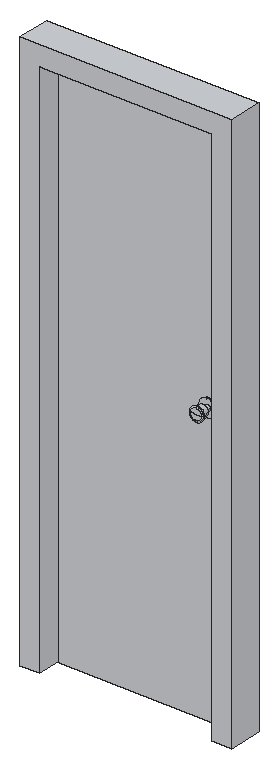
Revit family "單開-矩形- (1)", category 門, Revit 2014
Parameters (values of type "75 x 200 cm")
  關鍵註記 = "單開門-矩形"
  門扇_材料 = none
  門扇_寬度 = Width - 2 * 開門側框_寬度  # 650 mm
  門扇_厚度 = 40 mm
  解析營造 = "金屬"
  Assembly Code = ""
  Rough Height = Height  # 2000 mm
  Rough Width = Width  # 750 mm
  熱阻 (R) = 0.270117 (m²·K)/W
  框_深度 = 120 mm
  框_檔版_寬度 = 門扇_厚度 / 2  # 20 mm
  框_總寬度 [instance] = 開門側框_寬度 + 框_檔版_寬度  # 70 mm
  Height = 2000 mm
  牆封閉 = 依主體
  框_材料 = none
  開門側框_寬度 = 50 mm
  Solar Heat Gain Coefficient = 0
  握把五金 = none
  Width = 750 mm
  操作 = "左單開門方向"
  Visual Light Transmittance = 0
  功能 = 室內
  傳熱係數 (U) = 3.7021 W/(m²·K)
Types (2, lengths in mm): name | 門扇_寬度 | Rough Height | Rough Width | Height | Width
  75 x 200 cm | 650 | 2000 | 750 | 2000 | 750
  90 x 210 cm | 800 | 2100 | 900 | 2100 | 900
Reference planes
  plane 1: y = -210
  plane 2 "中心 (左/右)": x = 0
  plane 3 "左": x = -375
  plane 4 "右": x = 375
  plane 5: z = 2000
  plane 6 "外部": y = -135
  plane 7 "內部": y = -285
  plane 8: y = 320
  plane 9: y = -740
  plane 10: z = 1000
Forms (mm)
  Sweep 1, solid, material <- "框_材料"
    path origin (-5000, -210, 0) x (-1, 0, 0) y (0, 0, 1)
      loop
        line (-5375, 0) -> (-5375, 2000) -> (-4625, 2000) -> (-4625, 0)
    profile origin (375, -210, 1000) x (1, 0, 0) y (0, 1, 0)
      loop
        line (0, 60) -> (-50, 60) -> (-50, 20) -> (-70, 20) -> (-70, -60) -> (0, -60) -> (0, 60)
  Extrusion 2, solid, material <- "門扇_材料"
    sketch origin (-5000, -210, 0) x (1, 0, 0) y (0, 0, 1)
      loop
        line (4675, 1950) -> (4675, 0) -> (5325, 0) -> (5325, 1950) -> (4675, 1950)
    from -60 to -20
Lines and regions (mm)
  Opening 1
    outline origin (-3050, -285, 0) x (1, 0, 0) y (0, 0, 1)
      loop
        line (2675, 0) -> (3425, 0) -> (3425, 2000) -> (2675, 2000) -> (2675, 0)
  symbolic lines, style "Doors"
    curve 1: line (-325, -150, 0) -> (-285, -150, 0)
    curve 2: line (-325, 500, 0) -> (-325, -150, 0)
    curve 3: line (-285, 500, 0) -> (-325, 500, 0)
    curve 4: line (-285, -150, 0) -> (-285, 500, 0)
  symbolic lines
    curve 5: arc (325, -150, 0) -> (148.55, 295.253, 0) -> (-285, 498.768, 0) r 650
    curve 14: line (-375, -285, 1000) -> (375, -285, 0)
    curve 15: line (-375, -135, 1000) -> (375, -135, 2000)
  symbolic lines, style "DoorsFrameMullionProjection"
    curve 6: line (-325, -150, 0) -> (-375, -150, 0)
    curve 7: line (-325, -270, 0) -> (-325, -150, 0)
    curve 8: line (-375, -270, 0) -> (-325, -270, 0)
    curve 9: line (-375, -150, 0) -> (-375, -270, 0)
    curve 10: line (325, -150, 0) -> (375, -150, 0)
    curve 11: line (325, -270, 0) -> (325, -150, 0)
    curve 12: line (375, -270, 0) -> (325, -270, 0)
    curve 13: line (375, -150, 0) -> (375, -270, 0)
Text (mm)
  text "外部" at (-2295.016, 1099.543, 0), in view "參考樓層"
  text "外部" at (0, 1615.38, 3698.081), in view "左"
  text "外部" at (0, 1036.032, 3874.932), in view "右"
Dimensions and locks
  equal spacing: plane 3 "左", plane 2 "中心 (左/右)", plane 4 "右"
  "Width": plane 3 "左" to plane 4 "右"
  "Height": plane 5 to host wall
  host wall to plane 5 = 2000 mm  (x2)
  locked: plane 6 "外部" to host wall at 0
  locked: plane 7 "內部" to host wall
  equal spacing: Sweep 1 sketch curve, host wall, Sweep 1 sketch curve
  "框_深度": Sweep 1 sketch curve to Sweep 1 sketch curve
  "門扇_厚度": Sweep 1 sketch curve to Sweep 1 sketch curve
  "開門側框_寬度": Sweep 1 sketch curve to Sweep 1 sketch curve
  "框_檔版_寬度": Sweep 1 sketch curve to Sweep 1 sketch curve
  "Width": Sweep 1 sketch curve to Sweep 1 sketch curve
  "門扇_厚度": curve 2 to curve 4
  "門扇_寬度": curve 3 to curve 1
  "開門側框_寬度": curve 11 to Sweep 1
  "開門側框_寬度": curve 9 to curve 7
  equal spacing: Sweep 1, host wall, Sweep 1  (x2)
  "框_深度": Sweep 1 to Sweep 1  (x2)
  equal spacing: curve 6, plane 1, curve 8
  "框_深度": curve 6 to curve 8
  equal spacing: curve 12, plane 1, curve 10
  "框_深度": curve 12 to curve 10
  locked: nested 2 to Sweep 1 at 75
  locked: nested 1 to Sweep 1 at 75
  equal spacing: plane 8, plane 1, plane 9
  plane 8 to plane 9 = 1060 mm
  "門扇_厚度": Extrusion 2 to Extrusion 2
  equal spacing: plane 5, plane 10, level
  "門扇_寬度": radius of curve 5
  aligned and locked: plane 3 "左" to Opening 1 sketch curve
  aligned and locked: plane 5 to Opening 1 sketch curve  (x2)
  aligned and locked: Opening 1 sketch curve to plane 4 "右"
  aligned and locked: Opening 1 sketch curve to level
  aligned and locked: plane 1 to host wall
  aligned and locked: Sweep 1 to Extrusion 2 sketch curve
  aligned and locked: Extrusion 2 sketch curve to Sweep 1  (x2)
  aligned and locked: level to Extrusion 2 sketch curve
  aligned and locked: Extrusion 2 to Sweep 1
  aligned and locked: nested 1 to Extrusion 2
  aligned and locked: Extrusion 2 to nested 2
  aligned and locked: plane 4 "右" to curve 15
  aligned and locked: plane 5 to curve 15
  aligned and locked: level to curve 14
  aligned and locked: plane 4 "右" to curve 14
  aligned and locked: plane 10 to curve 15
  aligned and locked: plane 3 "左" to curve 15
  aligned and locked: curve 14 to curve 15
Automatic sketch dimensions
  Sweep 1 sketch curve to plane 4 "右" = 0 mm
  Sweep 1 sketch curve to level = 0 mm  (x2)
  Sweep 1 sketch curve to plane 5 = 0 mm
  Sweep 1 sketch curve to profile plane = 0 mm
  curve 14 to plane 10 = 0 mm
  curve 9 to plane 3 "左" = 0 mm
  curve 12 to plane 4 "右" = 0 mm
Nested families
  nested 1: "喇叭鎖" at (305, -190, 0) x (-1, 0, 0) z (0, 0, 1), type "喇叭鎖"
  nested 2: "喇叭鎖" at (305, -150, 0) x (-1, 0, 0) z (0, 0, 1), type "喇叭鎖"
  nested 3: "喇叭鎖" at (365, 60, 1000), type "喇叭鎖", not visible
  nested 4: "喇叭鎖" at (365, 20, 1000), type "喇叭鎖", not visible
Definition of nested family "喇叭鎖"
  Parameters (values of type "喇叭鎖")
    Assembly Code = ""
    握把高度 = 1000 mm
    握把與版面側邊距離 = 75 mm
    握把五金 = none
  Reference planes
    plane 1 "中心 (前/後)": y = 0
    plane 2: z = 0
    plane 3 "中心 (左/右)": x = 0
    plane 4: x = 75
  Forms (mm)
    Revolve 1, solid, material <- "握把五金"
      sketch origin (511.236, -60, 1000) x (1, 0, 0) y (0, 1, 0)
        loop
          line (-436.236, 60) -> (-406.236, 60) -> (-406.236, 66) -> (-426.236, 66) -> (-426.236, 85) -> (-417.636, 85) -> (-411.236, 109.7) -> (-411.236, 113.2) -> (-415.736, 115) -> (-436.236, 115) -> (-436.236, 60)
        axis (-436.236, 60) -> (-436.236, 115)
      angle from 0 to 360
  Dimensions and locks
    "握把與版面側邊距離": plane 3 "中心 (左/右)" to plane 4
    "握把高度": Revolve 1 to level
  Automatic sketch dimensions
    plane 3 "中心 (左/右)" to Revolve 1 sketch curve = 75 mm  (x2)
    Revolve 1 sketch curve to plane 1 "中心 (前/後)" = 0 mm
    plane 3 "中心 (左/右)" to Revolve 1 sketch curve = 85 mm
    Revolve 1 sketch curve to Revolve 1 sketch curve = 8.6 mm
    plane 3 "中心 (左/右)" to Revolve 1 sketch curve = 95.5 mm
    Revolve 1 sketch curve to Revolve 1 sketch curve = 4.5 mm
    Revolve 1 sketch curve to Revolve 1 sketch curve = 20 mm
    plane 1 "中心 (前/後)" to Revolve 1 sketch curve = 60 mm
    Revolve 1 sketch curve to Revolve 1 sketch curve = 6 mm
    Revolve 1 sketch curve to Revolve 1 sketch curve = 19 mm
    Revolve 1 sketch curve to Revolve 1 sketch curve = 24.7 mm
    Revolve 1 sketch curve to Revolve 1 sketch curve = 3.5 mm
    Revolve 1 sketch curve to Revolve 1 sketch curve = 1.8 mm
    Revolve 1 sketch curve to Revolve 1 sketch curve = 200 mm
